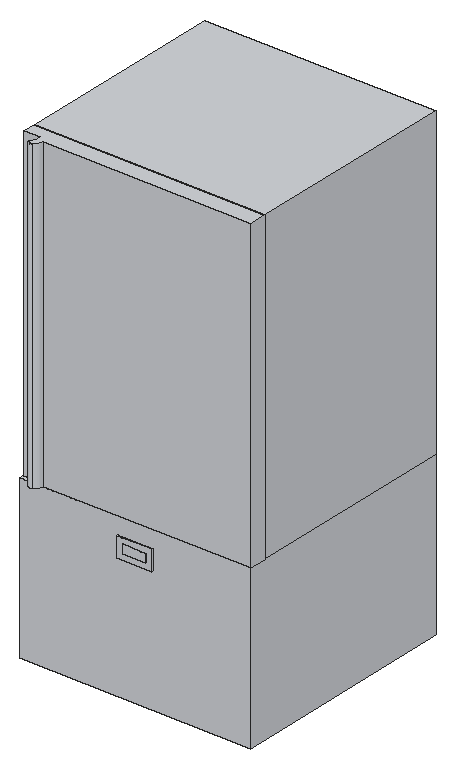
Revit family "Шкафы шоковой заморозки", category Оборудование, Revit 2020 (continued)
Lines and regions (mm)
  model lines, visible <- "Высокий", detail levels fine
    curve 1931: line (-198.293, -800, 120.159) -> (-184.151, -800, 106.017)
    curve 1932: line (-198.293, -800, 105.159) -> (-184.151, -800, 91.017)
    curve 1933: line (-198.293, -800, 90.159) -> (-184.151, -800, 76.017)
    curve 1934: line (-198.293, -800, 75.159) -> (-184.151, -800, 61.017)
    curve 1935: line (-218.293, -800, 150.159) -> (-204.151, -800, 136.017)
    curve 1936: line (-218.293, -800, 135.159) -> (-204.151, -800, 121.017)
    curve 1937: line (-218.293, -800, 120.159) -> (-204.151, -800, 106.017)
    curve 1938: line (-218.293, -800, 105.159) -> (-204.151, -800, 91.017)
    curve 1939: line (-218.293, -800, 90.159) -> (-204.151, -800, 76.017)
    curve 1940: line (-218.293, -800, 75.159) -> (-204.151, -800, 61.017)
    curve 1941: line (-238.293, -800, 150.159) -> (-224.151, -800, 136.017)
    curve 1942: line (-238.293, -800, 135.159) -> (-224.151, -800, 121.017)
    curve 1943: line (-238.293, -800, 120.159) -> (-224.151, -800, 106.017)
    curve 1944: line (-238.293, -800, 105.159) -> (-224.151, -800, 91.017)
    curve 1945: line (-238.293, -800, 90.159) -> (-224.151, -800, 76.017)
    curve 1946: line (-238.293, -800, 75.159) -> (-224.151, -800, 61.017)
    curve 1947: line (-258.293, -800, 150.159) -> (-244.151, -800, 136.017)
    curve 1948: line (-258.293, -800, 135.159) -> (-244.151, -800, 121.017)
    curve 1949: line (-258.293, -800, 120.159) -> (-244.151, -800, 106.017)
    curve 1950: line (-258.293, -800, 105.159) -> (-244.151, -800, 91.017)
    curve 1951: line (-258.293, -800, 90.159) -> (-244.151, -800, 76.017)
    curve 1952: line (-258.293, -800, 75.159) -> (-244.151, -800, 61.017)
    curve 1953: line (18.293, -800, 150.159) -> (4.151, -800, 136.017)
    curve 1954: line (18.293, -800, 135.159) -> (4.151, -800, 121.017)
    curve 1955: line (18.293, -800, 120.159) -> (4.151, -800, 106.017)
    curve 1956: line (18.293, -800, 105.159) -> (4.151, -800, 91.017)
    curve 1957: line (18.293, -800, 90.159) -> (4.151, -800, 76.017)
    curve 1958: line (18.293, -800, 75.159) -> (4.151, -800, 61.017)
    curve 1959: line (38.293, -800, 150.159) -> (24.151, -800, 136.017)
    curve 1960: line (38.293, -800, 135.159) -> (24.151, -800, 121.017)
    curve 1961: line (38.293, -800, 120.159) -> (24.151, -800, 106.017)
    curve 1962: line (38.293, -800, 105.159) -> (24.151, -800, 91.017)
    curve 1963: line (38.293, -800, 90.159) -> (24.151, -800, 76.017)
    curve 1964: line (38.293, -800, 75.159) -> (24.151, -800, 61.017)
    curve 1965: line (58.293, -800, 150.159) -> (44.151, -800, 136.017)
    curve 1966: line (58.293, -800, 135.159) -> (44.151, -800, 121.017)
    curve 1967: line (58.293, -800, 120.159) -> (44.151, -800, 106.017)
    curve 1968: line (58.293, -800, 105.159) -> (44.151, -800, 91.017)
    curve 1969: line (58.293, -800, 90.159) -> (44.151, -800, 76.017)
    curve 1970: line (58.293, -800, 75.159) -> (44.151, -800, 61.017)
    curve 1971: line (78.293, -800, 150.159) -> (64.151, -800, 136.017)
    curve 1972: line (78.293, -800, 135.159) -> (64.151, -800, 121.017)
    curve 1973: line (78.293, -800, 120.159) -> (64.151, -800, 106.017)
    curve 1974: line (78.293, -800, 105.159) -> (64.151, -800, 91.017)
    curve 1975: line (78.293, -800, 90.159) -> (64.151, -800, 76.017)
    curve 1976: line (78.293, -800, 75.159) -> (64.151, -800, 61.017)
    curve 1977: line (98.293, -800, 150.159) -> (84.151, -800, 136.017)
    curve 1978: line (98.293, -800, 135.159) -> (84.151, -800, 121.017)
    curve 1979: line (98.293, -800, 120.159) -> (84.151, -800, 106.017)
    curve 1980: line (98.293, -800, 105.159) -> (84.151, -800, 91.017)
    curve 1981: line (98.293, -800, 90.159) -> (84.151, -800, 76.017)
    curve 1982: line (98.293, -800, 75.159) -> (84.151, -800, 61.017)
    curve 1983: line (118.293, -800, 150.159) -> (104.151, -800, 136.017)
    curve 1984: line (118.293, -800, 135.159) -> (104.151, -800, 121.017)
    curve 1985: line (118.293, -800, 120.159) -> (104.151, -800, 106.017)
    curve 1986: line (118.293, -800, 105.159) -> (104.151, -800, 91.017)
    curve 1987: line (118.293, -800, 90.159) -> (104.151, -800, 76.017)
    curve 1988: line (118.293, -800, 75.159) -> (104.151, -800, 61.017)
    curve 1989: line (138.293, -800, 150.159) -> (124.151, -800, 136.017)
    curve 1990: line (138.293, -800, 135.159) -> (124.151, -800, 121.017)
    curve 1991: line (138.293, -800, 120.159) -> (124.151, -800, 106.017)
    curve 1992: line (138.293, -800, 105.159) -> (124.151, -800, 91.017)
    curve 1993: line (138.293, -800, 90.159) -> (124.151, -800, 76.017)
    curve 1994: line (138.293, -800, 75.159) -> (124.151, -800, 61.017)
    curve 1995: line (158.293, -800, 150.159) -> (144.151, -800, 136.017)
    curve 1996: line (158.293, -800, 135.159) -> (144.151, -800, 121.017)
    curve 1997: line (158.293, -800, 120.159) -> (144.151, -800, 106.017)
    curve 1998: line (158.293, -800, 105.159) -> (144.151, -800, 91.017)
    curve 1999: line (158.293, -800, 90.159) -> (144.151, -800, 76.017)
    curve 2000: line (158.293, -800, 75.159) -> (144.151, -800, 61.017)
    curve 2001: line (178.293, -800, 150.159) -> (164.151, -800, 136.017)
    curve 2002: line (178.293, -800, 135.159) -> (164.151, -800, 121.017)
    curve 2003: line (178.293, -800, 120.159) -> (164.151, -800, 106.017)
    curve 2004: line (178.293, -800, 105.159) -> (164.151, -800, 91.017)
    curve 2005: line (178.293, -800, 90.159) -> (164.151, -800, 76.017)
    curve 2006: line (178.293, -800, 75.159) -> (164.151, -800, 61.017)
    curve 2007: line (198.293, -800, 150.159) -> (184.151, -800, 136.017)
    curve 2008: line (198.293, -800, 135.159) -> (184.151, -800, 121.017)
    curve 2009: line (198.293, -800, 120.159) -> (184.151, -800, 106.017)
    curve 2010: line (198.293, -800, 105.159) -> (184.151, -800, 91.017)
    curve 2011: line (198.293, -800, 90.159) -> (184.151, -800, 76.017)
    curve 2012: line (198.293, -800, 75.159) -> (184.151, -800, 61.017)
    curve 2013: line (218.293, -800, 150.159) -> (204.151, -800, 136.017)
    curve 2014: line (218.293, -800, 135.159) -> (204.151, -800, 121.017)
    curve 2015: line (218.293, -800, 120.159) -> (204.151, -800, 106.017)
    curve 2016: line (218.293, -800, 105.159) -> (204.151, -800, 91.017)
    curve 2017: line (218.293, -800, 90.159) -> (204.151, -800, 76.017)
    curve 2018: line (218.293, -800, 75.159) -> (204.151, -800, 61.017)
    curve 2019: line (238.293, -800, 150.159) -> (224.151, -800, 136.017)
    curve 2020: line (238.293, -800, 135.159) -> (224.151, -800, 121.017)
    curve 2021: line (238.293, -800, 120.159) -> (224.151, -800, 106.017)
    curve 2022: line (238.293, -800, 105.159) -> (224.151, -800, 91.017)
    curve 2023: line (238.293, -800, 90.159) -> (224.151, -800, 76.017)
    curve 2024: line (238.293, -800, 75.159) -> (224.151, -800, 61.017)
    curve 2025: line (258.293, -800, 150.159) -> (244.151, -800, 136.017)
    curve 2026: line (258.293, -800, 135.159) -> (244.151, -800, 121.017)
    curve 2027: line (258.293, -800, 120.159) -> (244.151, -800, 106.017)
    curve 2028: line (258.293, -800, 105.159) -> (244.151, -800, 91.017)
    curve 2029: line (258.293, -800, 90.159) -> (244.151, -800, 76.017)
    curve 2030: line (258.293, -800, 75.159) -> (244.151, -800, 61.017)
    curve 2031: line (1468.311, -800, -154.729) -> (1482.453, -800, -168.872)
    curve 2032: line (1468.311, -800, -169.729) -> (1482.453, -800, -183.872)
    curve 2033: line (1468.311, -800, -184.729) -> (1482.453, -800, -198.872)
    curve 2034: line (1468.311, -800, -199.729) -> (1482.453, -800, -213.872)
    curve 2035: line (1468.311, -800, -214.729) -> (1482.453, -800, -228.872)
    curve 2036: line (1468.311, -800, -229.729) -> (1482.453, -800, -243.872)
    curve 2037: line (1468.311, -800, -244.729) -> (1482.453, -800, -258.872)
    curve 2038: line (1468.311, -800, -259.729) -> (1482.453, -800, -273.872)
    curve 2039: line (1448.311, -800, -154.729) -> (1462.453, -800, -168.872)
    curve 2040: line (1448.311, -800, -169.729) -> (1462.453, -800, -183.872)
    curve 2041: line (1448.311, -800, -184.729) -> (1462.453, -800, -198.872)
    curve 2042: line (1448.311, -800, -199.729) -> (1462.453, -800, -213.872)
    curve 2043: line (1448.311, -800, -214.729) -> (1462.453, -800, -228.872)
    curve 2044: line (1448.311, -800, -229.729) -> (1462.453, -800, -243.872)
    curve 2045: line (1448.311, -800, -244.729) -> (1462.453, -800, -258.872)
    curve 2046: line (1448.311, -800, -259.729) -> (1462.453, -800, -273.872)
    curve 2047: line (1428.311, -800, -154.729) -> (1442.453, -800, -168.872)
    curve 2048: line (1428.311, -800, -169.729) -> (1442.453, -800, -183.872)
    curve 2049: line (1428.311, -800, -184.729) -> (1442.453, -800, -198.872)
    curve 2050: line (1428.311, -800, -199.729) -> (1442.453, -800, -213.872)
    curve 2051: line (1428.311, -800, -214.729) -> (1442.453, -800, -228.872)
    curve 2052: line (1428.311, -800, -229.729) -> (1442.453, -800, -243.872)
    curve 2053: line (1428.311, -800, -244.729) -> (1442.453, -800, -258.872)
    curve 2054: line (1428.311, -800, -259.729) -> (1442.453, -800, -273.872)
    curve 2055: line (1408.311, -800, -154.729) -> (1422.453, -800, -168.872)
    curve 2056: line (1408.311, -800, -169.729) -> (1422.453, -800, -183.872)
    curve 2057: line (1408.311, -800, -184.729) -> (1422.453, -800, -198.872)
    curve 2058: line (1408.311, -800, -199.729) -> (1422.453, -800, -213.872)
    curve 2059: line (1408.311, -800, -214.729) -> (1422.453, -800, -228.872)
    curve 2060: line (1408.311, -800, -229.729) -> (1422.453, -800, -243.872)
    curve 2061: line (1408.311, -800, -244.729) -> (1422.453, -800, -258.872)
    curve 2062: line (1408.311, -800, -259.729) -> (1422.453, -800, -273.872)
    curve 2063: line (1388.311, -800, -154.729) -> (1402.453, -800, -168.872)
    curve 2064: line (1388.311, -800, -169.729) -> (1402.453, -800, -183.872)
    curve 2065: line (1388.311, -800, -184.729) -> (1402.453, -800, -198.872)
    curve 2066: line (1388.311, -800, -199.729) -> (1402.453, -800, -213.872)
    curve 2067: line (1388.311, -800, -214.729) -> (1402.453, -800, -228.872)
    curve 2068: line (1388.311, -800, -229.729) -> (1402.453, -800, -243.872)
    curve 2069: line (1388.311, -800, -244.729) -> (1402.453, -800, -258.872)
    curve 2070: line (1388.311, -800, -259.729) -> (1402.453, -800, -273.872)
    curve 2071: line (1368.311, -800, -154.729) -> (1382.453, -800, -168.872)
    curve 2072: line (1368.311, -800, -169.729) -> (1382.453, -800, -183.872)
    curve 2073: line (1368.311, -800, -184.729) -> (1382.453, -800, -198.872)
    curve 2074: line (1368.311, -800, -199.729) -> (1382.453, -800, -213.872)
    curve 2075: line (1368.311, -800, -214.729) -> (1382.453, -800, -228.872)
    curve 2076: line (1368.311, -800, -229.729) -> (1382.453, -800, -243.872)
    curve 2077: line (1368.311, -800, -244.729) -> (1382.453, -800, -258.872)
    curve 2078: line (1368.311, -800, -259.729) -> (1382.453, -800, -273.872)
    curve 2079: line (1348.311, -800, -154.729) -> (1362.453, -800, -168.872)
    curve 2080: line (1348.311, -800, -169.729) -> (1362.453, -800, -183.872)
    curve 2081: line (1348.311, -800, -184.729) -> (1362.453, -800, -198.872)
    curve 2082: line (1348.311, -800, -199.729) -> (1362.453, -800, -213.872)
    curve 2083: line (1348.311, -800, -214.729) -> (1362.453, -800, -228.872)
    curve 2084: line (1348.311, -800, -229.729) -> (1362.453, -800, -243.872)
    curve 2085: line (1348.311, -800, -244.729) -> (1362.453, -800, -258.872)
    curve 2086: line (1348.311, -800, -259.729) -> (1362.453, -800, -273.872)
    curve 2087: line (1328.311, -800, -154.729) -> (1342.453, -800, -168.872)
    curve 2088: line (1328.311, -800, -169.729) -> (1342.453, -800, -183.872)
    curve 2089: line (1328.311, -800, -184.729) -> (1342.453, -800, -198.872)
    curve 2090: line (1328.311, -800, -199.729) -> (1342.453, -800, -213.872)
    curve 2091: line (1328.311, -800, -214.729) -> (1342.453, -800, -228.872)
    curve 2092: line (1328.311, -800, -229.729) -> (1342.453, -800, -243.872)
    curve 2093: line (1328.311, -800, -244.729) -> (1342.453, -800, -258.872)
    curve 2094: line (1328.311, -800, -259.729) -> (1342.453, -800, -273.872)
    curve 2095: line (1308.311, -800, -154.729) -> (1322.453, -800, -168.872)
    curve 2096: line (1308.311, -800, -169.729) -> (1322.453, -800, -183.872)
    curve 2097: line (1308.311, -800, -184.729) -> (1322.453, -800, -198.872)
    curve 2098: line (1308.311, -800, -199.729) -> (1322.453, -800, -213.872)
    curve 2099: line (1308.311, -800, -214.729) -> (1322.453, -800, -228.872)
    curve 2100: line (1308.311, -800, -229.729) -> (1322.453, -800, -243.872)
    curve 2101: line (1308.311, -800, -244.729) -> (1322.453, -800, -258.872)
    curve 2102: line (1308.311, -800, -259.729) -> (1322.453, -800, -273.872)
    curve 2103: line (1288.311, -800, -154.729) -> (1302.453, -800, -168.872)
    curve 2104: line (1288.311, -800, -169.729) -> (1302.453, -800, -183.872)
    curve 2105: line (1288.311, -800, -184.729) -> (1302.453, -800, -198.872)
    curve 2106: line (1288.311, -800, -199.729) -> (1302.453, -800, -213.872)
    curve 2107: line (1288.311, -800, -214.729) -> (1302.453, -800, -228.872)
    curve 2108: line (1288.311, -800, -229.729) -> (1302.453, -800, -243.872)
    curve 2109: line (1288.311, -800, -244.729) -> (1302.453, -800, -258.872)
    curve 2110: line (1288.311, -800, -259.729) -> (1302.453, -800, -273.872)
    curve 2111: line (1268.311, -800, -154.729) -> (1282.453, -800, -168.872)
    curve 2112: line (1268.311, -800, -169.729) -> (1282.453, -800, -183.872)
    curve 2113: line (1268.311, -800, -184.729) -> (1282.453, -800, -198.872)
    curve 2114: line (1268.311, -800, -199.729) -> (1282.453, -800, -213.872)
    curve 2115: line (1268.311, -800, -214.729) -> (1282.453, -800, -228.872)
    curve 2116: line (1268.311, -800, -229.729) -> (1282.453, -800, -243.872)
    curve 2117: line (1268.311, -800, -244.729) -> (1282.453, -800, -258.872)
    curve 2118: line (1268.311, -800, -259.729) -> (1282.453, -800, -273.872)
    curve 2119: line (1248.311, -800, -154.729) -> (1262.453, -800, -168.872)
    curve 2120: line (1248.311, -800, -169.729) -> (1262.453, -800, -183.872)
    curve 2121: line (1248.311, -800, -184.729) -> (1262.453, -800, -198.872)
    curve 2122: line (1248.311, -800, -199.729) -> (1262.453, -800, -213.872)
    curve 2123: line (1248.311, -800, -214.729) -> (1262.453, -800, -228.872)
    curve 2124: line (1248.311, -800, -229.729) -> (1262.453, -800, -243.872)
    curve 2125: line (1248.311, -800, -244.729) -> (1262.453, -800, -258.872)
    curve 2126: line (1248.311, -800, -259.729) -> (1262.453, -800, -273.872)
    curve 2127: line (1228.311, -800, -154.729) -> (1242.453, -800, -168.872)
    curve 2128: line (1228.311, -800, -169.729) -> (1242.453, -800, -183.872)
    curve 2129: line (1228.311, -800, -184.729) -> (1242.453, -800, -198.872)
    curve 2130: line (1228.311, -800, -199.729) -> (1242.453, -800, -213.872)
    curve 2131: line (1228.311, -800, -214.729) -> (1242.453, -800, -228.872)
    curve 2132: line (1228.311, -800, -229.729) -> (1242.453, -800, -243.872)
    curve 2133: line (1228.311, -800, -244.729) -> (1242.453, -800, -258.872)
    curve 2134: line (1228.311, -800, -259.729) -> (1242.453, -800, -273.872)
    curve 2135: line (1504.897, -800, -154.729) -> (1490.755, -800, -168.872)
    curve 2136: line (1504.897, -800, -169.729) -> (1490.755, -800, -183.872)
    curve 2137: line (1504.897, -800, -184.729) -> (1490.755, -800, -198.872)
    curve 2138: line (1504.897, -800, -199.729) -> (1490.755, -800, -213.872)
    curve 2139: line (1504.897, -800, -214.729) -> (1490.755, -800, -228.872)
    curve 2140: line (1504.897, -800, -229.729) -> (1490.755, -800, -243.872)
    curve 2141: line (1504.897, -800, -244.729) -> (1490.755, -800, -258.872)
    curve 2142: line (1504.897, -800, -259.729) -> (1490.755, -800, -273.872)
    curve 2143: line (1524.897, -800, -154.729) -> (1510.755, -800, -168.872)
    curve 2144: line (1524.897, -800, -169.729) -> (1510.755, -800, -183.872)
    curve 2145: line (1524.897, -800, -184.729) -> (1510.755, -800, -198.872)
    curve 2146: line (1524.897, -800, -199.729) -> (1510.755, -800, -213.872)
    curve 2147: line (1524.897, -800, -214.729) -> (1510.755, -800, -228.872)
    curve 2148: line (1524.897, -800, -229.729) -> (1510.755, -800, -243.872)
    curve 2149: line (1524.897, -800, -244.729) -> (1510.755, -800, -258.872)
    curve 2150: line (1524.897, -800, -259.729) -> (1510.755, -800, -273.872)
    curve 2151: line (1544.897, -800, -154.729) -> (1530.755, -800, -168.872)
    curve 2152: line (1544.897, -800, -169.729) -> (1530.755, -800, -183.872)
    curve 2153: line (1544.897, -800, -184.729) -> (1530.755, -800, -198.872)
    curve 2154: line (1544.897, -800, -199.729) -> (1530.755, -800, -213.872)
    curve 2155: line (1544.897, -800, -214.729) -> (1530.755, -800, -228.872)
    curve 2156: line (1544.897, -800, -229.729) -> (1530.755, -800, -243.872)
    curve 2157: line (1544.897, -800, -244.729) -> (1530.755, -800, -258.872)
    curve 2158: line (1544.897, -800, -259.729) -> (1530.755, -800, -273.872)
    curve 2159: line (1564.897, -800, -154.729) -> (1550.755, -800, -168.872)
    curve 2160: line (1564.897, -800, -169.729) -> (1550.755, -800, -183.872)
    curve 2161: line (1564.897, -800, -184.729) -> (1550.755, -800, -198.872)
    curve 2162: line (1564.897, -800, -199.729) -> (1550.755, -800, -213.872)
    curve 2163: line (1564.897, -800, -214.729) -> (1550.755, -800, -228.872)
    curve 2164: line (1564.897, -800, -229.729) -> (1550.755, -800, -243.872)
    curve 2165: line (1564.897, -800, -244.729) -> (1550.755, -800, -258.872)
    curve 2166: line (1564.897, -800, -259.729) -> (1550.755, -800, -273.872)
    curve 2167: line (1584.897, -800, -154.729) -> (1570.755, -800, -168.872)
    curve 2168: line (1584.897, -800, -169.729) -> (1570.755, -800, -183.872)
    curve 2169: line (1584.897, -800, -184.729) -> (1570.755, -800, -198.872)
    curve 2170: line (1584.897, -800, -199.729) -> (1570.755, -800, -213.872)
    curve 2171: line (1584.897, -800, -214.729) -> (1570.755, -800, -228.872)
    curve 2172: line (1584.897, -800, -229.729) -> (1570.755, -800, -243.872)
    curve 2173: line (1584.897, -800, -244.729) -> (1570.755, -800, -258.872)
    curve 2174: line (1584.897, -800, -259.729) -> (1570.755, -800, -273.872)
    curve 2175: line (1604.897, -800, -154.729) -> (1590.755, -800, -168.872)
    curve 2176: line (1604.897, -800, -169.729) -> (1590.755, -800, -183.872)
    curve 2177: line (1604.897, -800, -184.729) -> (1590.755, -800, -198.872)
    curve 2178: line (1604.897, -800, -199.729) -> (1590.755, -800, -213.872)
    curve 2179: line (1604.897, -800, -214.729) -> (1590.755, -800, -228.872)
    curve 2180: line (1604.897, -800, -229.729) -> (1590.755, -800, -243.872)
    curve 2181: line (1604.897, -800, -244.729) -> (1590.755, -800, -258.872)
    curve 2182: line (1604.897, -800, -259.729) -> (1590.755, -800, -273.872)
    curve 2183: line (1624.897, -800, -154.729) -> (1610.755, -800, -168.872)
    curve 2184: line (1624.897, -800, -169.729) -> (1610.755, -800, -183.872)
    curve 2185: line (1624.897, -800, -184.729) -> (1610.755, -800, -198.872)
    curve 2186: line (1624.897, -800, -199.729) -> (1610.755, -800, -213.872)
    curve 2187: line (1624.897, -800, -214.729) -> (1610.755, -800, -228.872)
    curve 2188: line (1624.897, -800, -229.729) -> (1610.755, -800, -243.872)
    curve 2189: line (1624.897, -800, -244.729) -> (1610.755, -800, -258.872)
    curve 2190: line (1624.897, -800, -259.729) -> (1610.755, -800, -273.872)
    curve 2191: line (1644.897, -800, -154.729) -> (1630.755, -800, -168.872)
    curve 2192: line (1644.897, -800, -169.729) -> (1630.755, -800, -183.872)
    curve 2193: line (1644.897, -800, -184.729) -> (1630.755, -800, -198.872)
    curve 2194: line (1644.897, -800, -199.729) -> (1630.755, -800, -213.872)
    curve 2195: line (1644.897, -800, -214.729) -> (1630.755, -800, -228.872)
    curve 2196: line (1644.897, -800, -229.729) -> (1630.755, -800, -243.872)
    curve 2197: line (1644.897, -800, -244.729) -> (1630.755, -800, -258.872)
    curve 2198: line (1644.897, -800, -259.729) -> (1630.755, -800, -273.872)
    curve 2199: line (1664.897, -800, -154.729) -> (1650.755, -800, -168.872)
    curve 2200: line (1664.897, -800, -169.729) -> (1650.755, -800, -183.872)
    curve 2201: line (1664.897, -800, -184.729) -> (1650.755, -800, -198.872)
    curve 2202: line (1664.897, -800, -199.729) -> (1650.755, -800, -213.872)
    curve 2203: line (1664.897, -800, -214.729) -> (1650.755, -800, -228.872)
    curve 2204: line (1664.897, -800, -229.729) -> (1650.755, -800, -243.872)
    curve 2205: line (1664.897, -800, -244.729) -> (1650.755, -800, -258.872)
    curve 2206: line (1664.897, -800, -259.729) -> (1650.755, -800, -273.872)
    curve 2207: line (1684.897, -800, -154.729) -> (1670.755, -800, -168.872)
    curve 2208: line (1684.897, -800, -169.729) -> (1670.755, -800, -183.872)
    curve 2209: line (1684.897, -800, -184.729) -> (1670.755, -800, -198.872)
    curve 2210: line (1684.897, -800, -199.729) -> (1670.755, -800, -213.872)
    curve 2211: line (1684.897, -800, -214.729) -> (1670.755, -800, -228.872)
    curve 2212: line (1684.897, -800, -229.729) -> (1670.755, -800, -243.872)
    curve 2213: line (1684.897, -800, -244.729) -> (1670.755, -800, -258.872)
    curve 2214: line (1684.897, -800, -259.729) -> (1670.755, -800, -273.872)
    curve 2215: line (1704.897, -800, -154.729) -> (1690.755, -800, -168.872)
    curve 2216: line (1704.897, -800, -169.729) -> (1690.755, -800, -183.872)
    curve 2217: line (1704.897, -800, -184.729) -> (1690.755, -800, -198.872)
    curve 2218: line (1704.897, -800, -199.729) -> (1690.755, -800, -213.872)
    curve 2219: line (1704.897, -800, -214.729) -> (1690.755, -800, -228.872)
    curve 2220: line (1704.897, -800, -229.729) -> (1690.755, -800, -243.872)
    curve 2221: line (1704.897, -800, -244.729) -> (1690.755, -800, -258.872)
    curve 2222: line (1704.897, -800, -259.729) -> (1690.755, -800, -273.872)
    curve 2223: line (1724.897, -800, -154.729) -> (1710.755, -800, -168.872)
    curve 2224: line (1724.897, -800, -169.729) -> (1710.755, -800, -183.872)
    curve 2225: line (1724.897, -800, -184.729) -> (1710.755, -800, -198.872)
    curve 2226: line (1724.897, -800, -199.729) -> (1710.755, -800, -213.872)
    curve 2227: line (1724.897, -800, -214.729) -> (1710.755, -800, -228.872)
    curve 2228: line (1724.897, -800, -229.729) -> (1710.755, -800, -243.872)
    curve 2229: line (1724.897, -800, -244.729) -> (1710.755, -800, -258.872)
    curve 2230: line (1724.897, -800, -259.729) -> (1710.755, -800, -273.872)
    curve 2231: line (1744.897, -800, -154.729) -> (1730.755, -800, -168.872)
    curve 2232: line (1744.897, -800, -169.729) -> (1730.755, -800, -183.872)
    curve 2233: line (1744.897, -800, -184.729) -> (1730.755, -800, -198.872)
    curve 2234: line (1744.897, -800, -199.729) -> (1730.755, -800, -213.872)
    curve 2235: line (1744.897, -800, -214.729) -> (1730.755, -800, -228.872)
    curve 2236: line (1744.897, -800, -229.729) -> (1730.755, -800, -243.872)
    curve 2237: line (1744.897, -800, -244.729) -> (1730.755, -800, -258.872)
    curve 2238: line (1744.897, -800, -259.729) -> (1730.755, -800, -273.872)
    curve 2239: line (1468.311, -800, -274.729) -> (1482.453, -800, -288.872)
    curve 2240: line (1468.311, -800, -289.729) -> (1482.453, -800, -303.872)
    curve 2241: line (1468.311, -800, -304.729) -> (1482.453, -800, -318.872)
    curve 2242: line (1468.311, -800, -319.729) -> (1482.453, -800, -333.872)
    curve 2243: line (1468.311, -800, -334.729) -> (1482.453, -800, -348.872)
    curve 2244: line (1468.311, -800, -349.729) -> (1482.453, -800, -363.872)
    curve 2245: line (1448.311, -800, -274.729) -> (1462.453, -800, -288.872)
    curve 2246: line (1448.311, -800, -289.729) -> (1462.453, -800, -303.872)
    curve 2247: line (1448.311, -800, -304.729) -> (1462.453, -800, -318.872)
    curve 2248: line (1448.311, -800, -319.729) -> (1462.453, -800, -333.872)
    curve 2249: line (1448.311, -800, -334.729) -> (1462.453, -800, -348.872)
    curve 2250: line (1448.311, -800, -349.729) -> (1462.453, -800, -363.872)
    curve 2251: line (1428.311, -800, -274.729) -> (1442.453, -800, -288.872)
    curve 2252: line (1428.311, -800, -289.729) -> (1442.453, -800, -303.872)
    curve 2253: line (1428.311, -800, -304.729) -> (1442.453, -800, -318.872)
    curve 2254: line (1428.311, -800, -319.729) -> (1442.453, -800, -333.872)
    curve 2255: line (1428.311, -800, -334.729) -> (1442.453, -800, -348.872)
    curve 2256: line (1428.311, -800, -349.729) -> (1442.453, -800, -363.872)
    curve 2257: line (1408.311, -800, -274.729) -> (1422.453, -800, -288.872)
    curve 2258: line (1408.311, -800, -289.729) -> (1422.453, -800, -303.872)
    curve 2259: line (1408.311, -800, -304.729) -> (1422.453, -800, -318.872)
    curve 2260: line (1408.311, -800, -319.729) -> (1422.453, -800, -333.872)
    curve 2261: line (1408.311, -800, -334.729) -> (1422.453, -800, -348.872)
    curve 2262: line (1408.311, -800, -349.729) -> (1422.453, -800, -363.872)
    curve 2263: line (1388.311, -800, -274.729) -> (1402.453, -800, -288.872)
    curve 2264: line (1388.311, -800, -289.729) -> (1402.453, -800, -303.872)
    curve 2265: line (1388.311, -800, -304.729) -> (1402.453, -800, -318.872)
    curve 2266: line (1388.311, -800, -319.729) -> (1402.453, -800, -333.872)
    curve 2267: line (1388.311, -800, -334.729) -> (1402.453, -800, -348.872)
    curve 2268: line (1388.311, -800, -349.729) -> (1402.453, -800, -363.872)
    curve 2269: line (1368.311, -800, -274.729) -> (1382.453, -800, -288.872)
    curve 2270: line (1368.311, -800, -289.729) -> (1382.453, -800, -303.872)
    curve 2271: line (1368.311, -800, -304.729) -> (1382.453, -800, -318.872)
    curve 2272: line (1368.311, -800, -319.729) -> (1382.453, -800, -333.872)
    curve 2273: line (1368.311, -800, -334.729) -> (1382.453, -800, -348.872)
    curve 2274: line (1368.311, -800, -349.729) -> (1382.453, -800, -363.872)
    curve 2275: line (1348.311, -800, -274.729) -> (1362.453, -800, -288.872)
    curve 2276: line (1348.311, -800, -289.729) -> (1362.453, -800, -303.872)
    curve 2277: line (1348.311, -800, -304.729) -> (1362.453, -800, -318.872)
    curve 2278: line (1348.311, -800, -319.729) -> (1362.453, -800, -333.872)
    curve 2279: line (1348.311, -800, -334.729) -> (1362.453, -800, -348.872)
    curve 2280: line (1348.311, -800, -349.729) -> (1362.453, -800, -363.872)
    curve 2281: line (1328.311, -800, -274.729) -> (1342.453, -800, -288.872)
    curve 2282: line (1328.311, -800, -289.729) -> (1342.453, -800, -303.872)
    curve 2283: line (1328.311, -800, -304.729) -> (1342.453, -800, -318.872)
    curve 2284: line (1328.311, -800, -319.729) -> (1342.453, -800, -333.872)
    curve 2285: line (1328.311, -800, -334.729) -> (1342.453, -800, -348.872)
    curve 2286: line (1328.311, -800, -349.729) -> (1342.453, -800, -363.872)
    curve 2287: line (1308.311, -800, -274.729) -> (1322.453, -800, -288.872)
    curve 2288: line (1308.311, -800, -289.729) -> (1322.453, -800, -303.872)
    curve 2289: line (1308.311, -800, -304.729) -> (1322.453, -800, -318.872)
    curve 2290: line (1308.311, -800, -319.729) -> (1322.453, -800, -333.872)
    curve 2291: line (1308.311, -800, -334.729) -> (1322.453, -800, -348.872)
    curve 2292: line (1308.311, -800, -349.729) -> (1322.453, -800, -363.872)
    curve 2293: line (1288.311, -800, -274.729) -> (1302.453, -800, -288.872)
    curve 2294: line (1288.311, -800, -289.729) -> (1302.453, -800, -303.872)
    curve 2295: line (1288.311, -800, -304.729) -> (1302.453, -800, -318.872)
    curve 2296: line (1288.311, -800, -319.729) -> (1302.453, -800, -333.872)
    curve 2297: line (1288.311, -800, -334.729) -> (1302.453, -800, -348.872)
    curve 2298: line (1288.311, -800, -349.729) -> (1302.453, -800, -363.872)
    curve 2299: line (1268.311, -800, -274.729) -> (1282.453, -800, -288.872)
    curve 2300: line (1268.311, -800, -289.729) -> (1282.453, -800, -303.872)
    curve 2301: line (1268.311, -800, -304.729) -> (1282.453, -800, -318.872)
    curve 2302: line (1268.311, -800, -319.729) -> (1282.453, -800, -333.872)
    curve 2303: line (1268.311, -800, -334.729) -> (1282.453, -800, -348.872)
    curve 2304: line (1268.311, -800, -349.729) -> (1282.453, -800, -363.872)
    curve 2305: line (1248.311, -800, -274.729) -> (1262.453, -800, -288.872)
    curve 2306: line (1248.311, -800, -289.729) -> (1262.453, -800, -303.872)
    curve 2307: line (1248.311, -800, -304.729) -> (1262.453, -800, -318.872)
    curve 2308: line (1248.311, -800, -319.729) -> (1262.453, -800, -333.872)
    curve 2309: line (1248.311, -800, -334.729) -> (1262.453, -800, -348.872)
    curve 2310: line (1248.311, -800, -349.729) -> (1262.453, -800, -363.872)
    curve 2311: line (1228.311, -800, -274.729) -> (1242.453, -800, -288.872)
    curve 2312: line (1228.311, -800, -289.729) -> (1242.453, -800, -303.872)
    curve 2313: line (1228.311, -800, -304.729) -> (1242.453, -800, -318.872)
    curve 2314: line (1228.311, -800, -319.729) -> (1242.453, -800, -333.872)
    curve 2315: line (1228.311, -800, -334.729) -> (1242.453, -800, -348.872)
    curve 2316: line (1228.311, -800, -349.729) -> (1242.453, -800, -363.872)
    curve 2317: line (1504.897, -800, -274.729) -> (1490.755, -800, -288.872)
    curve 2318: line (1504.897, -800, -289.729) -> (1490.755, -800, -303.872)
    curve 2319: line (1504.897, -800, -304.729) -> (1490.755, -800, -318.872)
    curve 2320: line (1504.897, -800, -319.729) -> (1490.755, -800, -333.872)
    curve 2321: line (1504.897, -800, -334.729) -> (1490.755, -800, -348.872)
    curve 2322: line (1504.897, -800, -349.729) -> (1490.755, -800, -363.872)
    curve 2323: line (1524.897, -800, -274.729) -> (1510.755, -800, -288.872)
    curve 2324: line (1524.897, -800, -289.729) -> (1510.755, -800, -303.872)
    curve 2325: line (1524.897, -800, -304.729) -> (1510.755, -800, -318.872)
    curve 2326: line (1524.897, -800, -319.729) -> (1510.755, -800, -333.872)
    curve 2327: line (1524.897, -800, -334.729) -> (1510.755, -800, -348.872)
    curve 2328: line (1524.897, -800, -349.729) -> (1510.755, -800, -363.872)
    curve 2329: line (1544.897, -800, -274.729) -> (1530.755, -800, -288.872)
    curve 2330: line (1544.897, -800, -289.729) -> (1530.755, -800, -303.872)
    curve 2331: line (1544.897, -800, -304.729) -> (1530.755, -800, -318.872)
    curve 2332: line (1544.897, -800, -319.729) -> (1530.755, -800, -333.872)
    curve 2333: line (1544.897, -800, -334.729) -> (1530.755, -800, -348.872)
    curve 2334: line (1544.897, -800, -349.729) -> (1530.755, -800, -363.872)
    curve 2335: line (1564.897, -800, -274.729) -> (1550.755, -800, -288.872)
    curve 2336: line (1564.897, -800, -289.729) -> (1550.755, -800, -303.872)
    curve 2337: line (1564.897, -800, -304.729) -> (1550.755, -800, -318.872)
    curve 2338: line (1564.897, -800, -319.729) -> (1550.755, -800, -333.872)
    curve 2339: line (1564.897, -800, -334.729) -> (1550.755, -800, -348.872)
    curve 2340: line (1564.897, -800, -349.729) -> (1550.755, -800, -363.872)
    curve 2341: line (1584.897, -800, -274.729) -> (1570.755, -800, -288.872)
    curve 2342: line (1584.897, -800, -289.729) -> (1570.755, -800, -303.872)
    curve 2343: line (1584.897, -800, -304.729) -> (1570.755, -800, -318.872)
    curve 2344: line (1584.897, -800, -319.729) -> (1570.755, -800, -333.872)
    curve 2345: line (1584.897, -800, -334.729) -> (1570.755, -800, -348.872)
    curve 2346: line (1584.897, -800, -349.729) -> (1570.755, -800, -363.872)
    curve 2347: line (1604.897, -800, -274.729) -> (1590.755, -800, -288.872)
    curve 2348: line (1604.897, -800, -289.729) -> (1590.755, -800, -303.872)
    curve 2349: line (1604.897, -800, -304.729) -> (1590.755, -800, -318.872)
    curve 2350: line (1604.897, -800, -319.729) -> (1590.755, -800, -333.872)
    curve 2351: line (1604.897, -800, -334.729) -> (1590.755, -800, -348.872)
    curve 2352: line (1604.897, -800, -349.729) -> (1590.755, -800, -363.872)
    curve 2353: line (1624.897, -800, -274.729) -> (1610.755, -800, -288.872)
    curve 2354: line (1624.897, -800, -289.729) -> (1610.755, -800, -303.872)
    curve 2355: line (1624.897, -800, -304.729) -> (1610.755, -800, -318.872)
    curve 2356: line (1624.897, -800, -319.729) -> (1610.755, -800, -333.872)
    curve 2357: line (1624.897, -800, -334.729) -> (1610.755, -800, -348.872)
    curve 2358: line (1624.897, -800, -349.729) -> (1610.755, -800, -363.872)
    curve 2359: line (1644.897, -800, -274.729) -> (1630.755, -800, -288.872)
    curve 2360: line (1644.897, -800, -289.729) -> (1630.755, -800, -303.872)
    curve 2361: line (1644.897, -800, -304.729) -> (1630.755, -800, -318.872)
    curve 2362: line (1644.897, -800, -319.729) -> (1630.755, -800, -333.872)
    curve 2363: line (1644.897, -800, -334.729) -> (1630.755, -800, -348.872)
    curve 2364: line (1644.897, -800, -349.729) -> (1630.755, -800, -363.872)
    curve 2365: line (1664.897, -800, -274.729) -> (1650.755, -800, -288.872)
    curve 2366: line (1664.897, -800, -289.729) -> (1650.755, -800, -303.872)
    curve 2367: line (1664.897, -800, -304.729) -> (1650.755, -800, -318.872)
    curve 2368: line (1664.897, -800, -319.729) -> (1650.755, -800, -333.872)
    curve 2369: line (1664.897, -800, -334.729) -> (1650.755, -800, -348.872)
    curve 2370: line (1664.897, -800, -349.729) -> (1650.755, -800, -363.872)
    curve 2371: line (1684.897, -800, -274.729) -> (1670.755, -800, -288.872)
    curve 2372: line (1684.897, -800, -289.729) -> (1670.755, -800, -303.872)
    curve 2373: line (1684.897, -800, -304.729) -> (1670.755, -800, -318.872)
    curve 2374: line (1684.897, -800, -319.729) -> (1670.755, -800, -333.872)
    curve 2375: line (1684.897, -800, -334.729) -> (1670.755, -800, -348.872)
    curve 2376: line (1684.897, -800, -349.729) -> (1670.755, -800, -363.872)
    curve 2377: line (1704.897, -800, -274.729) -> (1690.755, -800, -288.872)
    curve 2378: line (1704.897, -800, -289.729) -> (1690.755, -800, -303.872)
    curve 2379: line (1704.897, -800, -304.729) -> (1690.755, -800, -318.872)
    curve 2380: line (1704.897, -800, -319.729) -> (1690.755, -800, -333.872)
    curve 2381: line (1704.897, -800, -334.729) -> (1690.755, -800, -348.872)
    curve 2382: line (1704.897, -800, -349.729) -> (1690.755, -800, -363.872)
    curve 2383: line (1724.897, -800, -274.729) -> (1710.755, -800, -288.872)
    curve 2384: line (1724.897, -800, -289.729) -> (1710.755, -800, -303.872)
    curve 2385: line (1724.897, -800, -304.729) -> (1710.755, -800, -318.872)
    curve 2386: line (1724.897, -800, -319.729) -> (1710.755, -800, -333.872)
    curve 2387: line (1724.897, -800, -334.729) -> (1710.755, -800, -348.872)
    curve 2388: line (1724.897, -800, -349.729) -> (1710.755, -800, -363.872)
    curve 2389: line (1744.897, -800, -274.729) -> (1730.755, -800, -288.872)
    curve 2390: line (1744.897, -800, -289.729) -> (1730.755, -800, -303.872)
    curve 2391: line (1744.897, -800, -304.729) -> (1730.755, -800, -318.872)
    curve 2392: line (1744.897, -800, -319.729) -> (1730.755, -800, -333.872)
    curve 2393: line (1744.897, -800, -334.729) -> (1730.755, -800, -348.872)
    curve 2394: line (1744.897, -800, -349.729) -> (1730.755, -800, -363.872)
    curve 2841: line (-400, -664.716, 207.879) -> (-400, -645.314, 186.666)
    curve 2842: line (-400, -666.528, 192.879) -> (-400, -645.314, 171.666)
    curve 2843: line (-400, -666.528, 177.879) -> (-400, -645.314, 156.666)
    curve 2844: line (-400, -666.528, 162.879) -> (-400, -645.314, 141.666)
    curve 2845: line (-400, -666.528, 147.879) -> (-400, -645.314, 126.666)
    curve 2846: line (-400, -666.528, 132.879) -> (-400, -645.314, 111.666)
    curve 2847: line (-400, -666.528, 117.879) -> (-400, -645.314, 96.666)
    curve 2848: line (-400, -666.528, 102.879) -> (-400, -645.314, 81.666)
    curve 2849: line (-400, -636.528, 207.879) -> (-400, -615.314, 186.666)
    curve 2850: line (-400, -636.528, 192.879) -> (-400, -615.314, 171.666)
    curve 2851: line (-400, -636.528, 177.879) -> (-400, -615.314, 156.666)
    curve 2852: line (-400, -636.528, 162.879) -> (-400, -615.314, 141.666)
    curve 2853: line (-400, -636.528, 147.879) -> (-400, -615.314, 126.666)
    curve 2854: line (-400, -636.528, 132.879) -> (-400, -615.314, 111.666)
    curve 2855: line (-400, -636.528, 117.879) -> (-400, -615.314, 96.666)
    curve 2856: line (-400, -636.528, 102.879) -> (-400, -615.314, 81.666)
    curve 2857: line (-400, -606.528, 207.879) -> (-400, -585.314, 186.666)
    curve 2858: line (-400, -606.528, 192.879) -> (-400, -585.314, 171.666)
    curve 2859: line (-400, -606.528, 177.879) -> (-400, -585.314, 156.666)
    curve 2860: line (-400, -606.528, 162.879) -> (-400, -585.314, 141.666)
    curve 2861: line (-400, -606.528, 147.879) -> (-400, -585.314, 126.666)
    curve 2862: line (-400, -606.528, 132.879) -> (-400, -585.314, 111.666)
    curve 2863: line (-400, -606.528, 117.879) -> (-400, -585.314, 96.666)
    curve 2864: line (-400, -606.528, 102.879) -> (-400, -585.314, 81.666)
    curve 2865: line (-400, -576.528, 207.879) -> (-400, -555.314, 186.666)
    curve 2866: line (-400, -576.528, 192.879) -> (-400, -555.314, 171.666)
    curve 2867: line (-400, -576.528, 177.879) -> (-400, -555.314, 156.666)
    curve 2868: line (-400, -576.528, 162.879) -> (-400, -555.314, 141.666)
    curve 2869: line (-400, -576.528, 147.879) -> (-400, -555.314, 126.666)
    curve 2870: line (-400, -576.528, 132.879) -> (-400, -555.314, 111.666)
    curve 2871: line (-400, -576.528, 117.879) -> (-400, -555.314, 96.666)
    curve 2872: line (-400, -576.528, 102.879) -> (-400, -555.314, 81.666)
    curve 2873: line (-400, -546.528, 207.879) -> (-400, -525.314, 186.666)
    curve 2874: line (-400, -546.528, 192.879) -> (-400, -525.314, 171.666)
    curve 2875: line (-400, -546.528, 177.879) -> (-400, -525.314, 156.666)
    curve 2876: line (-400, -546.528, 162.879) -> (-400, -525.314, 141.666)
    curve 2877: line (-400, -546.528, 147.879) -> (-400, -525.314, 126.666)
    curve 2878: line (-400, -546.528, 132.879) -> (-400, -525.314, 111.666)
    curve 2879: line (-400, -546.528, 117.879) -> (-400, -525.314, 96.666)
    curve 2880: line (-400, -546.528, 102.879) -> (-400, -525.314, 81.666)
    curve 2881: line (-400, -516.528, 207.879) -> (-400, -495.314, 186.666)
    curve 2882: line (-400, -516.528, 192.879) -> (-400, -495.314, 171.666)
    curve 2883: line (-400, -516.528, 177.879) -> (-400, -495.314, 156.666)
    curve 2884: line (-400, -516.528, 162.879) -> (-400, -495.314, 141.666)
    curve 2885: line (-400, -516.528, 147.879) -> (-400, -495.314, 126.666)
    curve 2886: line (-400, -516.528, 132.879) -> (-400, -495.314, 111.666)
    curve 2887: line (-400, -516.528, 117.879) -> (-400, -495.314, 96.666)
    curve 2888: line (-400, -516.528, 102.879) -> (-400, -495.314, 81.666)
    curve 2889: line (-400, -486.528, 207.879) -> (-400, -465.314, 186.666)
    curve 2890: line (-400, -486.528, 192.879) -> (-400, -465.314, 171.666)
    curve 2891: line (-400, -486.528, 177.879) -> (-400, -465.314, 156.666)
    curve 2892: line (-400, -486.528, 162.879) -> (-400, -465.314, 141.666)
    curve 2893: line (-400, -486.528, 147.879) -> (-400, -465.314, 126.666)
    curve 2894: line (-400, -486.528, 132.879) -> (-400, -465.314, 111.666)
    curve 2895: line (-400, -486.528, 117.879) -> (-400, -465.314, 96.666)
    curve 2896: line (-400, -486.528, 102.879) -> (-400, -465.314, 81.666)
    curve 2897: line (-400, -456.528, 207.879) -> (-400, -435.314, 186.666)
    curve 2898: line (-400, -456.528, 192.879) -> (-400, -435.314, 171.666)
    curve 2899: line (-400, -456.528, 177.879) -> (-400, -435.314, 156.666)
    curve 2900: line (-400, -456.528, 162.879) -> (-400, -435.314, 141.666)
    curve 2901: line (-400, -456.528, 147.879) -> (-400, -435.314, 126.666)
    curve 2902: line (-400, -456.528, 132.879) -> (-400, -435.314, 111.666)
    curve 2903: line (-400, -456.528, 117.879) -> (-400, -435.314, 96.666)
    curve 2904: line (-400, -456.528, 102.879) -> (-400, -435.314, 81.666)
    curve 2905: line (-400, -426.528, 207.879) -> (-400, -405.314, 186.666)
    curve 2906: line (-400, -426.528, 192.879) -> (-400, -405.314, 171.666)
    curve 2907: line (-400, -426.528, 177.879) -> (-400, -405.314, 156.666)
    curve 2908: line (-400, -426.528, 162.879) -> (-400, -405.314, 141.666)
    curve 2909: line (-400, -426.528, 147.879) -> (-400, -405.314, 126.666)
    curve 2910: line (-400, -426.528, 132.879) -> (-400, -405.314, 111.666)
    curve 2911: line (-400, -426.528, 117.879) -> (-400, -405.314, 96.666)
    curve 2912: line (-400, -426.528, 102.879) -> (-400, -405.314, 81.666)
    curve 2913: line (-400, -396.528, 207.879) -> (-400, -375.314, 186.666)
    curve 2914: line (-400, -396.528, 192.879) -> (-400, -375.314, 171.666)
    curve 2915: line (-400, -396.528, 177.879) -> (-400, -375.314, 156.666)
    curve 2916: line (-400, -396.528, 162.879) -> (-400, -375.314, 141.666)
    curve 2917: line (-400, -396.528, 147.879) -> (-400, -375.314, 126.666)
    curve 2918: line (-400, -396.528, 132.879) -> (-400, -375.314, 111.666)
    curve 2919: line (-400, -396.528, 117.879) -> (-400, -375.314, 96.666)
    curve 2920: line (-400, -396.528, 102.879) -> (-400, -375.314, 81.666)
    curve 2921: line (-400, -71.801, 207.879) -> (-400, -93.014, 186.666)
    curve 2922: line (-400, -71.801, 192.879) -> (-400, -93.014, 171.666)
    curve 2923: line (-400, -71.801, 177.879) -> (-400, -93.014, 156.666)
    curve 2924: line (-400, -71.801, 162.879) -> (-400, -93.014, 141.666)
    curve 2925: line (-400, -71.801, 147.879) -> (-400, -93.014, 126.666)
    curve 2926: line (-400, -71.801, 132.879) -> (-400, -93.014, 111.666)
    curve 2927: line (-400, -71.801, 117.879) -> (-400, -93.014, 96.666)
    curve 2928: line (-400, -71.801, 102.879) -> (-400, -93.014, 81.666)
    curve 2929: line (-400, -101.801, 207.879) -> (-400, -123.014, 186.666)
    curve 2930: line (-400, -101.801, 192.879) -> (-400, -123.014, 171.666)
    curve 2931: line (-400, -101.801, 177.879) -> (-400, -123.014, 156.666)
    curve 2932: line (-400, -101.801, 162.879) -> (-400, -123.014, 141.666)
    curve 2933: line (-400, -101.801, 147.879) -> (-400, -123.014, 126.666)
    curve 2934: line (-400, -101.801, 132.879) -> (-400, -123.014, 111.666)
    curve 2935: line (-400, -101.801, 117.879) -> (-400, -123.014, 96.666)
    curve 2936: line (-400, -101.801, 102.879) -> (-400, -123.014, 81.666)
    curve 2937: line (-400, -131.801, 207.879) -> (-400, -153.014, 186.666)
    curve 2938: line (-400, -131.801, 192.879) -> (-400, -153.014, 171.666)
    curve 2939: line (-400, -131.801, 177.879) -> (-400, -153.014, 156.666)
    curve 2940: line (-400, -131.801, 162.879) -> (-400, -153.014, 141.666)
    curve 2941: line (-400, -131.801, 147.879) -> (-400, -153.014, 126.666)
    curve 2942: line (-400, -131.801, 132.879) -> (-400, -153.014, 111.666)
    curve 2943: line (-400, -131.801, 117.879) -> (-400, -153.014, 96.666)
    curve 2944: line (-400, -131.801, 102.879) -> (-400, -153.014, 81.666)
    curve 2945: line (-400, -161.801, 207.879) -> (-400, -183.014, 186.666)
    curve 2946: line (-400, -161.801, 192.879) -> (-400, -183.014, 171.666)
    curve 2947: line (-400, -161.801, 177.879) -> (-400, -183.014, 156.666)
    curve 2948: line (-400, -161.801, 162.879) -> (-400, -183.014, 141.666)
    curve 2949: line (-400, -161.801, 147.879) -> (-400, -183.014, 126.666)
    curve 2950: line (-400, -161.801, 132.879) -> (-400, -183.014, 111.666)
    curve 2951: line (-400, -161.801, 117.879) -> (-400, -183.014, 96.666)
    curve 2952: line (-400, -161.801, 102.879) -> (-400, -183.014, 81.666)
    curve 2953: line (-400, -191.801, 207.879) -> (-400, -213.014, 186.666)
    curve 2954: line (-400, -191.801, 192.879) -> (-400, -213.014, 171.666)
    curve 2955: line (-400, -191.801, 177.879) -> (-400, -213.014, 156.666)
    curve 2956: line (-400, -191.801, 162.879) -> (-400, -213.014, 141.666)
    curve 2957: line (-400, -191.801, 147.879) -> (-400, -213.014, 126.666)
    curve 2958: line (-400, -191.801, 132.879) -> (-400, -213.014, 111.666)
    curve 2959: line (-400, -191.801, 117.879) -> (-400, -213.014, 96.666)
    curve 2960: line (-400, -191.801, 102.879) -> (-400, -213.014, 81.666)
    curve 2961: line (-400, -221.801, 207.879) -> (-400, -243.014, 186.666)
    curve 2962: line (-400, -221.801, 192.879) -> (-400, -243.014, 171.666)
    curve 2963: line (-400, -221.801, 177.879) -> (-400, -243.014, 156.666)
    curve 2964: line (-400, -221.801, 162.879) -> (-400, -243.014, 141.666)
    curve 2965: line (-400, -221.801, 147.879) -> (-400, -243.014, 126.666)
    curve 2966: line (-400, -221.801, 132.879) -> (-400, -243.014, 111.666)
    curve 2967: line (-400, -221.801, 117.879) -> (-400, -243.014, 96.666)
    curve 2968: line (-400, -221.801, 102.879) -> (-400, -243.014, 81.666)
    curve 2969: line (-400, -251.801, 207.879) -> (-400, -273.014, 186.666)
    curve 2970: line (-400, -251.801, 192.879) -> (-400, -273.014, 171.666)
    curve 2971: line (-400, -251.801, 177.879) -> (-400, -273.014, 156.666)
    curve 2972: line (-400, -251.801, 162.879) -> (-400, -273.014, 141.666)
    curve 2973: line (-400, -251.801, 147.879) -> (-400, -273.014, 126.666)
    curve 2974: line (-400, -251.801, 132.879) -> (-400, -273.014, 111.666)
    curve 2975: line (-400, -251.801, 117.879) -> (-400, -273.014, 96.666)
    curve 2976: line (-400, -251.801, 102.879) -> (-400, -273.014, 81.666)
    curve 2977: line (-400, -281.801, 207.879) -> (-400, -303.014, 186.666)
    curve 2978: line (-400, -281.801, 192.879) -> (-400, -303.014, 171.666)
    curve 2979: line (-400, -281.801, 177.879) -> (-400, -303.014, 156.666)
    curve 2980: line (-400, -281.801, 162.879) -> (-400, -303.014, 141.666)
    curve 2981: line (-400, -281.801, 147.879) -> (-400, -303.014, 126.666)
    curve 2982: line (-400, -281.801, 132.879) -> (-400, -303.014, 111.666)
    curve 2983: line (-400, -281.801, 117.879) -> (-400, -303.014, 96.666)
    curve 2984: line (-400, -281.801, 102.879) -> (-400, -303.014, 81.666)
    curve 2985: line (-400, -311.801, 207.879) -> (-400, -333.014, 186.666)
    curve 2986: line (-400, -311.801, 192.879) -> (-400, -333.014, 171.666)
    curve 2987: line (-400, -311.801, 177.879) -> (-400, -333.014, 156.666)
    curve 2988: line (-400, -311.801, 162.879) -> (-400, -333.014, 141.666)
    curve 2989: line (-400, -311.801, 147.879) -> (-400, -333.014, 126.666)
    curve 2990: line (-400, -311.801, 132.879) -> (-400, -333.014, 111.666)
    curve 2991: line (-400, -311.801, 117.879) -> (-400, -333.014, 96.666)
    curve 2992: line (-400, -311.801, 102.879) -> (-400, -333.014, 81.666)
    curve 2993: line (-400, -341.801, 207.879) -> (-400, -363.014, 186.666)
    curve 2994: line (-400, -341.801, 192.879) -> (-400, -363.014, 171.666)
    curve 2995: line (-400, -341.801, 177.879) -> (-400, -363.014, 156.666)
    curve 2996: line (-400, -341.801, 162.879) -> (-400, -363.014, 141.666)
    curve 2997: line (-400, -341.801, 147.879) -> (-400, -363.014, 126.666)
    curve 2998: line (-400, -341.801, 132.879) -> (-400, -363.014, 111.666)
    curve 2999: line (-400, -341.801, 117.879) -> (-400, -363.014, 96.666)
    curve 3000: line (-400, -341.801, 102.879) -> (-400, -363.014, 81.666)
    curve 3004: line (-400, -666.528, 333.494) -> (-400, -645.314, 312.281)
    curve 3005: line (-400, -666.528, 318.494) -> (-400, -645.314, 297.281)
    curve 3006: line (-400, -666.528, 303.494) -> (-400, -645.314, 282.281)
    curve 3007: line (-400, -666.528, 288.494) -> (-400, -645.314, 267.281)
    curve 3008: line (-400, -666.528, 273.494) -> (-400, -645.314, 252.281)
    curve 3009: line (-400, -666.528, 258.494) -> (-400, -645.314, 237.281)
    curve 3010: line (-400, -666.528, 243.494) -> (-400, -645.314, 222.281)
    curve 3011: line (-400, -666.528, 228.494) -> (-400, -645.314, 207.281)
    curve 3012: line (-400, -636.528, 333.494) -> (-400, -615.314, 312.281)
    curve 3013: line (-400, -636.528, 318.494) -> (-400, -615.314, 297.281)
    curve 3014: line (-400, -636.528, 303.494) -> (-400, -615.314, 282.281)
    curve 3015: line (-400, -636.528, 288.494) -> (-400, -615.314, 267.281)
    curve 3016: line (-400, -636.528, 273.494) -> (-400, -615.314, 252.281)
    curve 3017: line (-400, -636.528, 258.494) -> (-400, -615.314, 237.281)
    curve 3018: line (-400, -636.528, 243.494) -> (-400, -615.314, 222.281)
    curve 3019: line (-400, -636.528, 228.494) -> (-400, -615.314, 207.281)
    curve 3020: line (-400, -606.528, 333.494) -> (-400, -585.314, 312.281)
    curve 3021: line (-400, -606.528, 318.494) -> (-400, -585.314, 297.281)
    curve 3022: line (-400, -606.528, 303.494) -> (-400, -585.314, 282.281)
    curve 3023: line (-400, -606.528, 288.494) -> (-400, -585.314, 267.281)
    curve 3024: line (-400, -606.528, 273.494) -> (-400, -585.314, 252.281)
    curve 3025: line (-400, -606.528, 258.494) -> (-400, -585.314, 237.281)
    curve 3026: line (-400, -606.528, 243.494) -> (-400, -585.314, 222.281)
    curve 3027: line (-400, -606.528, 228.494) -> (-400, -585.314, 207.281)
    curve 3028: line (-400, -576.528, 333.494) -> (-400, -555.314, 312.281)
    curve 3029: line (-400, -576.528, 318.494) -> (-400, -555.314, 297.281)
    curve 3030: line (-400, -576.528, 303.494) -> (-400, -555.314, 282.281)
    curve 3031: line (-400, -576.528, 288.494) -> (-400, -555.314, 267.281)
    curve 3032: line (-400, -576.528, 273.494) -> (-400, -555.314, 252.281)
    curve 3033: line (-400, -576.528, 258.494) -> (-400, -555.314, 237.281)
    curve 3034: line (-400, -576.528, 243.494) -> (-400, -555.314, 222.281)
    curve 3035: line (-400, -576.528, 228.494) -> (-400, -555.314, 207.281)
    curve 3036: line (-400, -546.528, 333.494) -> (-400, -525.314, 312.281)
    curve 3037: line (-400, -546.528, 318.494) -> (-400, -525.314, 297.281)
    curve 3038: line (-400, -546.528, 303.494) -> (-400, -525.314, 282.281)
    curve 3039: line (-400, -546.528, 288.494) -> (-400, -525.314, 267.281)
    curve 3040: line (-400, -546.528, 273.494) -> (-400, -525.314, 252.281)
    curve 3041: line (-400, -546.528, 258.494) -> (-400, -525.314, 237.281)
    curve 3042: line (-400, -546.528, 243.494) -> (-400, -525.314, 222.281)
    curve 3043: line (-400, -546.528, 228.494) -> (-400, -525.314, 207.281)
    curve 3044: line (-400, -516.528, 333.494) -> (-400, -495.314, 312.281)
    curve 3045: line (-400, -516.528, 318.494) -> (-400, -495.314, 297.281)
    curve 3046: line (-400, -516.528, 303.494) -> (-400, -495.314, 282.281)
    curve 3047: line (-400, -516.528, 288.494) -> (-400, -495.314, 267.281)
    curve 3048: line (-400, -516.528, 273.494) -> (-400, -495.314, 252.281)
    curve 3049: line (-400, -516.528, 258.494) -> (-400, -495.314, 237.281)
    curve 3050: line (-400, -516.528, 243.494) -> (-400, -495.314, 222.281)
    curve 3051: line (-400, -516.528, 228.494) -> (-400, -495.314, 207.281)
    curve 3052: line (-400, -486.528, 333.494) -> (-400, -465.314, 312.281)
    curve 3053: line (-400, -486.528, 318.494) -> (-400, -465.314, 297.281)
    curve 3054: line (-400, -486.528, 303.494) -> (-400, -465.314, 282.281)
    curve 3055: line (-400, -486.528, 288.494) -> (-400, -465.314, 267.281)
    curve 3056: line (-400, -486.528, 273.494) -> (-400, -465.314, 252.281)
    curve 3057: line (-400, -486.528, 258.494) -> (-400, -465.314, 237.281)
    curve 3058: line (-400, -486.528, 243.494) -> (-400, -465.314, 222.281)
    curve 3059: line (-400, -486.528, 228.494) -> (-400, -465.314, 207.281)
    curve 3060: line (-400, -456.528, 333.494) -> (-400, -435.314, 312.281)
    curve 3061: line (-400, -456.528, 318.494) -> (-400, -435.314, 297.281)
    curve 3062: line (-400, -456.528, 303.494) -> (-400, -435.314, 282.281)
    curve 3063: line (-400, -456.528, 288.494) -> (-400, -435.314, 267.281)
    curve 3064: line (-400, -456.528, 273.494) -> (-400, -435.314, 252.281)
    curve 3065: line (-400, -456.528, 258.494) -> (-400, -435.314, 237.281)
    curve 3066: line (-400, -456.528, 243.494) -> (-400, -435.314, 222.281)
    curve 3067: line (-400, -456.528, 228.494) -> (-400, -435.314, 207.281)
    curve 3068: line (-400, -426.528, 333.494) -> (-400, -405.314, 312.281)
    curve 3069: line (-400, -426.528, 318.494) -> (-400, -405.314, 297.281)
    curve 3070: line (-400, -426.528, 303.494) -> (-400, -405.314, 282.281)
    curve 3071: line (-400, -426.528, 288.494) -> (-400, -405.314, 267.281)
    curve 3072: line (-400, -426.528, 273.494) -> (-400, -405.314, 252.281)
    curve 3073: line (-400, -426.528, 258.494) -> (-400, -405.314, 237.281)
    curve 3074: line (-400, -426.528, 243.494) -> (-400, -405.314, 222.281)
    curve 3075: line (-400, -426.528, 228.494) -> (-400, -405.314, 207.281)
    curve 3076: line (-400, -396.528, 333.494) -> (-400, -375.314, 312.281)
    curve 3077: line (-400, -396.528, 318.494) -> (-400, -375.314, 297.281)
    curve 3078: line (-400, -396.528, 303.494) -> (-400, -375.314, 282.281)
    curve 3079: line (-400, -396.528, 288.494) -> (-400, -375.314, 267.281)
    curve 3080: line (-400, -396.528, 273.494) -> (-400, -375.314, 252.281)
    curve 3081: line (-400, -396.528, 258.494) -> (-400, -375.314, 237.281)
    curve 3082: line (-400, -396.528, 243.494) -> (-400, -375.314, 222.281)
    curve 3083: line (-400, -396.528, 228.494) -> (-400, -375.314, 207.281)
    curve 3084: line (-400, -71.801, 333.494) -> (-400, -93.014, 312.281)
    curve 3085: line (-400, -71.801, 318.494) -> (-400, -93.014, 297.281)
    curve 3086: line (-400, -71.801, 303.494) -> (-400, -93.014, 282.281)
    curve 3087: line (-400, -71.801, 288.494) -> (-400, -93.014, 267.281)
    curve 3088: line (-400, -71.801, 273.494) -> (-400, -93.014, 252.281)
    curve 3089: line (-400, -71.801, 258.494) -> (-400, -93.014, 237.281)
    curve 3090: line (-400, -71.801, 243.494) -> (-400, -93.014, 222.281)
    curve 3091: line (-400, -71.801, 228.494) -> (-400, -93.014, 207.281)
    curve 3092: line (-400, -101.801, 333.494) -> (-400, -123.014, 312.281)
    curve 3093: line (-400, -101.801, 318.494) -> (-400, -123.014, 297.281)
    curve 3094: line (-400, -101.801, 303.494) -> (-400, -123.014, 282.281)
    curve 3095: line (-400, -101.801, 288.494) -> (-400, -123.014, 267.281)
    curve 3096: line (-400, -101.801, 273.494) -> (-400, -123.014, 252.281)
    curve 3097: line (-400, -101.801, 258.494) -> (-400, -123.014, 237.281)
    curve 3098: line (-400, -101.801, 243.494) -> (-400, -123.014, 222.281)
    curve 3099: line (-400, -101.801, 228.494) -> (-400, -123.014, 207.281)
    curve 3100: line (-400, -131.801, 333.494) -> (-400, -153.014, 312.281)
    curve 3101: line (-400, -131.801, 318.494) -> (-400, -153.014, 297.281)
    curve 3102: line (-400, -131.801, 303.494) -> (-400, -153.014, 282.281)
    curve 3103: line (-400, -131.801, 288.494) -> (-400, -153.014, 267.281)
    curve 3104: line (-400, -131.801, 273.494) -> (-400, -153.014, 252.281)
    curve 3105: line (-400, -131.801, 258.494) -> (-400, -153.014, 237.281)
    curve 3106: line (-400, -131.801, 243.494) -> (-400, -153.014, 222.281)
    curve 3107: line (-400, -131.801, 228.494) -> (-400, -153.014, 207.281)
    curve 3108: line (-400, -161.801, 333.494) -> (-400, -183.014, 312.281)
    curve 3109: line (-400, -161.801, 318.494) -> (-400, -183.014, 297.281)
    curve 3110: line (-400, -161.801, 303.494) -> (-400, -183.014, 282.281)
    curve 3111: line (-400, -161.801, 288.494) -> (-400, -183.014, 267.281)
    curve 3112: line (-400, -161.801, 273.494) -> (-400, -183.014, 252.281)
    curve 3113: line (-400, -161.801, 258.494) -> (-400, -183.014, 237.281)
    curve 3114: line (-400, -161.801, 243.494) -> (-400, -183.014, 222.281)
    curve 3115: line (-400, -161.801, 228.494) -> (-400, -183.014, 207.281)
    curve 3116: line (-400, -191.801, 333.494) -> (-400, -213.014, 312.281)
    curve 3117: line (-400, -191.801, 318.494) -> (-400, -213.014, 297.281)
    curve 3118: line (-400, -191.801, 303.494) -> (-400, -213.014, 282.281)
    curve 3119: line (-400, -191.801, 288.494) -> (-400, -213.014, 267.281)
    curve 3120: line (-400, -191.801, 273.494) -> (-400, -213.014, 252.281)
    curve 3121: line (-400, -191.801, 258.494) -> (-400, -213.014, 237.281)
    curve 3122: line (-400, -191.801, 243.494) -> (-400, -213.014, 222.281)
    curve 3123: line (-400, -191.801, 228.494) -> (-400, -213.014, 207.281)
    curve 3124: line (-400, -221.801, 333.494) -> (-400, -243.014, 312.281)
    curve 3125: line (-400, -221.801, 318.494) -> (-400, -243.014, 297.281)
    curve 3126: line (-400, -221.801, 303.494) -> (-400, -243.014, 282.281)
    curve 3127: line (-400, -221.801, 288.494) -> (-400, -243.014, 267.281)
    curve 3128: line (-400, -221.801, 273.494) -> (-400, -243.014, 252.281)
    curve 3129: line (-400, -221.801, 258.494) -> (-400, -243.014, 237.281)
    curve 3130: line (-400, -221.801, 243.494) -> (-400, -243.014, 222.281)
    curve 3131: line (-400, -221.801, 228.494) -> (-400, -243.014, 207.281)
    curve 3132: line (-400, -251.801, 333.494) -> (-400, -273.014, 312.281)
    curve 3133: line (-400, -251.801, 318.494) -> (-400, -273.014, 297.281)
    curve 3134: line (-400, -251.801, 303.494) -> (-400, -273.014, 282.281)
    curve 3135: line (-400, -251.801, 288.494) -> (-400, -273.014, 267.281)
    curve 3136: line (-400, -251.801, 273.494) -> (-400, -273.014, 252.281)
    curve 3137: line (-400, -251.801, 258.494) -> (-400, -273.014, 237.281)
    curve 3138: line (-400, -251.801, 243.494) -> (-400, -273.014, 222.281)
    curve 3139: line (-400, -251.801, 228.494) -> (-400, -273.014, 207.281)
    curve 3140: line (-400, -281.801, 333.494) -> (-400, -303.014, 312.281)
    curve 3141: line (-400, -281.801, 318.494) -> (-400, -303.014, 297.281)
    curve 3142: line (-400, -281.801, 303.494) -> (-400, -303.014, 282.281)
    curve 3143: line (-400, -281.801, 288.494) -> (-400, -303.014, 267.281)
    curve 3144: line (-400, -281.801, 273.494) -> (-400, -303.014, 252.281)
    curve 3145: line (-400, -281.801, 258.494) -> (-400, -303.014, 237.281)
    curve 3146: line (-400, -281.801, 243.494) -> (-400, -303.014, 222.281)
    curve 3147: line (-400, -281.801, 228.494) -> (-400, -303.014, 207.281)
    curve 3148: line (-400, -311.801, 333.494) -> (-400, -333.014, 312.281)
    curve 3149: line (-400, -311.801, 318.494) -> (-400, -333.014, 297.281)
    curve 3150: line (-400, -311.801, 303.494) -> (-400, -333.014, 282.281)
    curve 3151: line (-400, -311.801, 288.494) -> (-400, -333.014, 267.281)
    curve 3152: line (-400, -311.801, 273.494) -> (-400, -333.014, 252.281)
    curve 3153: line (-400, -311.801, 258.494) -> (-400, -333.014, 237.281)
    curve 3154: line (-400, -311.801, 243.494) -> (-400, -333.014, 222.281)
    curve 3155: line (-400, -311.801, 228.494) -> (-400, -333.014, 207.281)
    curve 3156: line (-400, -341.801, 333.494) -> (-400, -363.014, 312.281)
    curve 3157: line (-400, -341.801, 318.494) -> (-400, -363.014, 297.281)
    curve 3158: line (-400, -341.801, 303.494) -> (-400, -363.014, 282.281)
    curve 3159: line (-400, -341.801, 288.494) -> (-400, -363.014, 267.281)
    curve 3160: line (-400, -341.801, 273.494) -> (-400, -363.014, 252.281)
    curve 3161: line (-400, -341.801, 258.494) -> (-400, -363.014, 237.281)
    curve 3162: line (-400, -341.801, 243.494) -> (-400, -363.014, 222.281)
    curve 3163: line (-400, -341.801, 228.494) -> (-400, -363.014, 207.281)
    curve 3165: line (400, -664.716, 207.715) -> (400, -645.15, 186.501)
    curve 3166: line (400, -666.363, 192.715) -> (400, -645.15, 171.501)
    curve 3167: line (400, -666.363, 177.715) -> (400, -645.15, 156.501)
    curve 3168: line (400, -666.363, 162.715) -> (400, -645.15, 141.501)
    curve 3169: line (400, -666.363, 147.715) -> (400, -645.15, 126.501)
